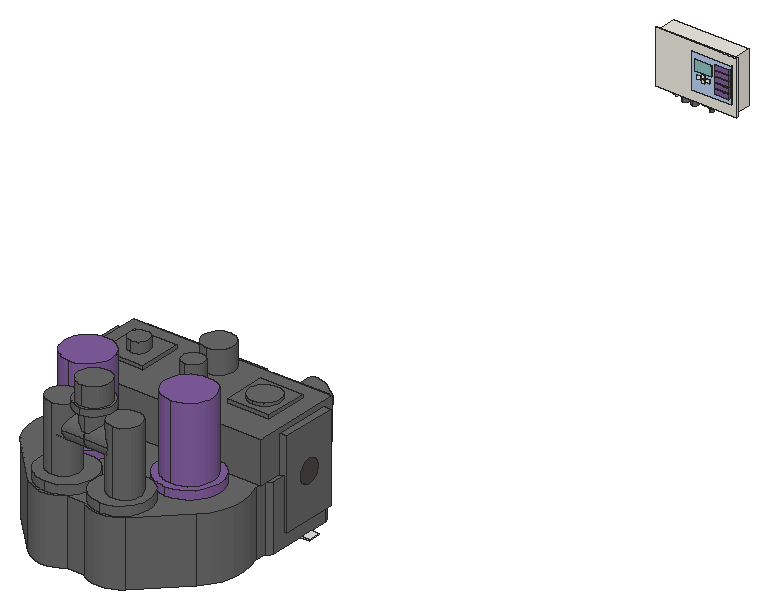
Revit family "28628-c", category Generic Models, Revit 2021
Family settings
  Can host rebar = No
  Round Connector Dimension = Use Diameter
  Part Type = Normal
  Work Plane-Based = No
  Always vertical = Yes
  Cut with Voids When Loaded = No
  Shared = Yes
  Room Calculation Point = No
Parameters (values of type "28628-C")
  SUPPLIER = "KESSEL"
  SA700ID50 = "intern"
  SA700ID49 = "Protection Class I"
  SA700ID48 = "no"
  SA700ID47 = "no"
  SA700ID46 = "yes"
  SA700ID37 = 7000 mm
  SA700ID34 = 38
  SA700ID33 = 1.6 W
  SA700ID32 = 82.00 kg
  SA700ID31 = 1
  SA700ID30 = 2
  SA700ID29 = "RWDR"
  SA700ID21 = 700
  SA700ID10 = "No"
  SA700ID08 = 230 V
  PROCUREWEBLINK = "https://p.caden.as/kessel/28628-C"
  PROCURELINK = "p.caden.as/kessel/28628-C"
  PROCUREDATALASTUPDATE = "2024-05-22T12:17:38.364929984+01:00"
  PRC_SPECIFICATIONLINK = "https://ausschreiben.de/catalog/kessel/catalogItem/4ae1b071-216f-4082-a32e-68067ba56124"
  NN = "Lifting station Aqualift F"
  NBSYN = "$SA810ID03."
  NB = "28628-C"
  Model = "28628-C"
  Manufacturer = "KESSEL"
  MIdent = "{$CADENAS_DATA/23d-libs/kessel/kessel_vdi_import/4/entwaesserung/hebeanlage20aqualift20f.prj},202 {STYP=ASS},{VTYP=3D},{NB=28628-C},{LINA=28628-C},{NN=Lifting station Aqualift F},{DATE=21.11.2022 10:45:45},{GEOMDATE=21.11.2022 10:45:45},{VERSION=},{LINEID=190},{WBVAR=LODLEVEL},{WBNUMERIC=LODLEVEL}  {NB=28628-C},{LINA=28628-C},{KT=DUMMY},{PREVIEW=../../bilder/ksb_w_28628c.png},{SA700ID04=Hebeanlage Aqualift F Duo, Comfort, SPF 1400-S3},{SA810ID06=04026092058497},{SA700ID34=38.00},{SA010ID03=201805},{SA810ID03=28628-C},{SA810ID10=Die Hebeanlage für fäkalienhaltiges und fäkalienfreies Abwasser ist mit zwei überflutbaren Pumpen sowie einem Rückflussverhinderer ausgestattet. Der Sammelbehälter aus dauerhaft beständigem Kunststoff (PE) bietet universale Anschlussmöglichkeiten und hat eine verschraubte Reinigungsöffnung.Die Steuerung erfolgt durch ein anwenderfreundliches Schaltgerät, das optional über einen potentialfreien Kontakt in die Gebäudeleittechnik eingebunden werden oder Alarm- und Sammelstörmeldungen über eine GSM-Schnittstelle (Comfort Schaltgerät) ausgeben kann.Ausführung:Absperreinrichtung: ohne SchieberAnlagenart: DoppelanlagePumpensteuerung: SchaltgerätRückflussverhinderer: integriertSchalldämmmatte: jaEinbausituation: freie AufstellungAbwasserart: fäkalienhaltigAllgemeine Merkmale:Farbe: schwarzNorm: EN 12050-1Abmessungen:Länge: 773 mmBreite: 780 mmHöhe: 539 mmBehälter/Grundkörper:Zulauf Anzahl: 2 STZulauf Nennweite (DN): 100 mmZulauf Nennweite (DA): 110 mmZulauf max. Anbohrung (DN): 150 mmAbstand Rohrsohle Zulauf zu Behälterboden: 245 mmAbstand Rohrmitte Zulauf zu Behälterboden: 300 mmAnschluss für Handmembranpumpe (DN): 32Behältervolumen: 120 lDruckabgang: senkrechtDruckabgang (DA): 110 mmDruckabgang (DN): 100 mmEntlüftungsanschluss (DN): 70 mmNutzvolumen: 50 lFreier Kugeldurchgang: 40 mmFördereinrichtung:Pumpe: SPF 1400Anzahl Pumpen: 2Förderhöhe max.: 7 mFörderleistung max.: 38 m3/hBetriebsart: S3 - 50 %Leistung P1: 1,6 kWLeistung P2: 1,1 kWDrehzahl: 1.370 U/minFörderguttemperatur (dauerhaft) max.: 40 °CAnschlusstyp: codierter SteckerGewicht: 25 kgLaufrad Typ: FreistromradLänge Netzanschlussleitung Pumpe: 5 mNennstrom: 7,3 ASchutzart Pumpe: IP 68 (3m/48h)Schutzklasse: ITyp Anschlussleitung Pumpe: H07RN-F 3G 1,0 mm2Temperaturüberwachung: integriertSteuerung:Schaltgerät: ComfortBetriebsspannung: 230 VNetzfrequenz: 50 HzSelbstdiagnosesystem (SDS): jaBatteriepufferung: jaMehrzeilige Displayanzeige: jaLogbuchfunktion: jaUSB-Schnittstelle: jaGSM-Schnittstelle: jaPotentialfreier Kontakt: optionalErforderliche Absicherung (Leitungsschutz): C 16 ASchutzart Schaltgerät: IP 54Länge Netzanschlussleitung Schaltgerät: 1,4 mArt Niveauerfassung: pneumatischInstrument Niveauerfassung: Tauchrohr mit DruckwächterAlarmgeber: Tauchrohr},{SA700ID37=7.00},{SA700ID33=1.60},{SA700ID08=230},{SA700ID30=2},{SA700ID32=82.00},{SA700ID49=Schutzklasse I},{SA700ID50=intern},{SA200ID03=6},{SA250ID03=vertikal},{SA260ID03=Trockenläuferpumpe},{SA350ID03=normalansaugend},{SA400ID03=E-Motor für Wechselstrom},{SA460ID03=direkt},{SA500ID03=Kunststoff, Edelstahl},{SA700ID06=100},{SA700ID07=100},{SA700ID09=1/N/PE 230V},{SA700ID10=Nein},{SA700ID11=50},{SA700ID12=IP 68},{SA700ID13=F},{SA700ID15=40},{SA700ID21=700.00},{SA700ID22=1.10},{SA700ID23=1370},{SA700ID24=1370},{SA700ID26=7.30},{SA700ID27=23.00},{SA700ID28=durchgehend},{SA700ID29=RWDR},{SA700ID31=1},{SA700ID46=ja},{SA700ID47=nein},{SA700ID48=nein},{SA110ID04=Hebeanlage Aqualift F},{SA300ID03=einstufig},{SA700ID44=10.00},{SA700ID45=10.00},{SA010ID04=KESSEL AG},{LODLEVEL=200},{LINK=https://www.kessel.de/info?han=28628-C},{SA970ID01=970},{SA970ID02=7061},{SA970ID03=28628-C},{SA970ID04=11002617},{SA970ID05=QUAD},{SA970ID06=-410},{SA970ID07=-678},{SA970ID08=0},{SA970ID09=1},{SA970ID10=0},{SA970ID11=0},{SA970ID12=0},{SA970ID13=1},{SA970ID14=0},{SA970ID15=819.99},{SA970ID16=843},{SA970ID17=600},{LODLEVEL_=200,'Low'},{LODLEVEL_DEU=200,'Low'},{LINK_=https://www.kessel.de/info?han=28628-C},{LINK_DEU=https://www.kessel.de/info?han=28628-C},{LODLEVEL_3DB=28628-C_200},{DNIN1=100},{DNIN2=70},{DNIN3=10},{DNIN4=10},{DNIN5=10},{DNIN6=50},{DNIN7=50},{DNIN8=50},{DNIN9=50},{DNOUT1=100},{DNOUT2=70},{DNOUT3=32},{ISDIN1=75},{ISDIN2=83.200},{ISDIN3=10},{ISDOUT1=70.000},{ISDOUT2=73.200},{ISDOUT3=75},{SA010ID01=010},{SA010ID02=4},{SA010ID06=www.kessel.de},{SA010ID07=www.kessel.de},{SA010ID12=20180713},{SA010ID13=DEU},{SA010ID14=DE},{SA100ID01=100},{SA100ID02=4},{SA100ID04=Entwässerung},{SA110ID01=110},{SA110ID02=4},{SA200ID01=200},{SA200ID02=6},{SA250ID01=250},{SA250ID02=2},{SA260ID01=260},{SA260ID02=2},{SA300ID01=300},{SA300ID02=1},{SA350ID01=350},{SA350ID02=1},{SA400ID01=400},{SA400ID02=1},{SA460ID01=460},{SA460ID02=1},{SA500ID01=500},{SA500ID02=1},{SA700ID01=700},{SA700ID02=27},{SA700ID10_=0},{SA700ID16=0},{SA700ID25=0},{SA700ID46_=1},{SA700ID47_=0},{SA700ID48_=0},{SA700ID49_=1},{SA700ID50_=2},{SA800ID01=800},{SA800ID02=27},{SA810ID01=810},{SA810ID02=27},{SA810ID04=28628-C},{SA810ID07=27},{SA810ID09=1},{SA810ID14=PCE},{SA810ID15=1},{SA810ID16=NMP},{SA960ID03=27},{SA960ID04=3L},{SA960ID08=https://www.kessel.de/info?han=28628-C},{SA010ID08=4026092000007},{SA100ID05=Hebeanlage},{SA110ID06=Hebeanlage}"
  LINK = "https://www.kessel.de/info?han=28628-C"
  LINA = "28628-C"
  Default Elevation = 0 mm
  CREATOR = "CADENAS GmbH"
  CATALOG = "KESSEL"
  BOMINFO = "LINA"
  ARTICLENO = "NB"
  4.810.00.9 Order quantity (multiplicator) = "1"
  4.810.00.7 Media- connection number = "27"
  4.810.00.6 GTIN number = "04026092058497"
  4.810.00.4 DATANORM number = "28628-C"
  4.810.00.3 Producer order number = "28628-C"
  4.710.03.7 Mass (net) = 82.00 kg
  4.710.03.6 Height = 539 mm
  4.710.03.5 Width = 780 mm
  4.710.03.4 Length = 773 mm
  4.710.03.3 Type of dimensions = "2"
  4.710.02.8 Area of application of wastewater pump = "1"
  4.710.02.7 Art des S2/S3-Betriebs = "50 %"
  4.710.02.6 Duty type = "S3"
  4.710.02.5 Cutting device = "0"
  4.710.02.4 Attached pump control = "1"
  4.710.02.3 Free passage = 40 mm
  4.710.01.6 Option to connect to building automation = "40"
  4.710.01.5 Load regulation = "0"
  4.710.01.4 Designation of closed-loop control = "50"
  4.710.01.3 Identifier for closed-loop control = "120"
  4.700.00.9 Voltage = 0
  4.700.00.8 Nominal connection size on suction side = "100"
  4.700.00.7 Nominal connection size on pressure side = "100"
  4.700.00.6 Type of connection = "100"
  4.700.00.4 Product indentification = "Hebeanlage Aqualift F Duo, Comfort, SPF 1400-S3"
  4.700.00.28 Motor pump shaft = "durchgehend"
  4.700.00.27 Starting current = 23
  4.700.00.26 Maximum power consumption per pump / drive = 7.3
  4.700.00.25 Minimum speed at internal speed adjustment = 0
  4.700.00.24 Nominal speed / maximum speed n = 22.8333
  4.700.00.23 Nominal speed of motor = 22.8333
  4.700.00.22 Maximum shaft output (P2) per pump/drive = 1.1 W
  4.700.00.16 Maximum temperature of pumped medium = 0 °C
  4.700.00.15 Increased safety class = "40 °C"
  4.700.00.13 Type of protection = "F"
  4.700.00.12 Frequency = 0
  4.700.00.11 Stern-/Dreieck-Anlaufschaltung bei Dreiphasenanschluss oder Drehstrom = "50 Hz"
  4.700.00.10 Phase = "0"
  4.500.00.3 Variant / Variant type / Accessories-name = "Kunststoff, Edelstahl"
  4.460.00.3 Variant / Variant type / Accessories-name = "direkt"
  4.400.00.3 Variant / Variant type / Accessories-name = "E-Motor für Wechselstrom"
  4.350.00.3 Variant / Variant type / Accessories-name = "normalansaugend"
  4.300.00.3 Variant / Variant type / Accessories-name = "einstufig"
  4.260.00.3 Variant / Variant type / Accessories-name = "Trockenläuferpumpe"
  4.250.00.3 Variant / Variant type / Accessories-name = "vertikal"
  4.200.00.3 Variant / Variant type / Accessories-name = "6"
  4.110.00.6 Product classification = "Hebeanlage"
  4.110.00.4 Product indentification = "Hebeanlage Aqualift F"
  4.100.00.5 Main groups of wares = "Hebeanlage"
  4.100.00.4 Product indentification = "Entwässerung"
  4.010.00.8 Producer ID number = "4026092000007"
  4.010.00.7 Comment = "www.kessel.de"
  4.010.00.6 Web address of the manufacturer = "www.kessel.de"
  4.010.00.4 Manufacturer name = "KESSEL AG"
  4.010.00.3 Date of issuance (month) of guideline = "201805"
  4.010.00.2 Sheet number of the guideline = "4"
  4.010.00.14 Kennungen der Projektländer, für die die Datei gültig ist = "DE"
  4.010.00.13 Sprache der Datei = "DEU"
  4.010.00.12 Stand des Herstellerkatalogs = "20180713"
Reference planes
  plane 1 "Center (Front/Back)": y = 0
  plane 2: z = 0
  plane 3 "Center (Left/Right)": x = 0
Forms (mm)
  Extrusion 1, void
    sketch origin (390.5, -74.999, 214) x (0, -1, 0) y (0, 0, 1)
      loop
        line (-0.5, -0.5) -> (0.5, -0.5) -> (0.5, 0.5) -> (-0.5, 0.5) -> (-0.5, -0.5)
    from 0 to 1
  Extrusion 2, void
    sketch origin (0.999, 95.5, 214) x (1, 0, 0) y (0, 0, 1)
      loop
        line (-0.5, -0.5) -> (0.5, -0.5) -> (0.5, 0.5) -> (-0.5, 0.5) -> (-0.5, -0.5)
    from 0 to 1
  Extrusion 3, void
    sketch origin (-230.25, 90.49, 214) x (1, 0, 0) y (0, 0, 1)
      loop
        line (-0.5, -0.5) -> (0.5, -0.5) -> (0.5, 0.5) -> (-0.5, 0.5) -> (-0.5, -0.5)
    from 0 to 1
  Extrusion 4, void
    sketch origin (-390.5, -75, 214) x (0, 1, 0) y (0, 0, 1)
      loop
        line (-0.5, -0.5) -> (0.5, -0.5) -> (0.5, 0.5) -> (-0.5, 0.5) -> (-0.5, -0.5)
    from 0 to 1
Dimensions and locks
  locked: plane 2 to Extrusion 1 at 214.5
  locked: plane 2 to Extrusion 1 at 213.5
  locked: plane 2 to Extrusion 2 at 214.5
  locked: plane 2 to Extrusion 2 at 213.5
  locked: plane 2 to Extrusion 3 at 214.5
  locked: plane 2 to Extrusion 3 at 213.5
  locked: plane 2 to Extrusion 4 at 214.5
  locked: plane 2 to Extrusion 4 at 213.5
  aligned and locked: level to plane 2
Nested families
  nested 1: "28628-c_content" at (0, 0, 0), type "28628-C_Content"
  nested 2: "28628-c_part1_X0Y0" at (1000, 1000, 1200), type "28628-C_PART1_X0Y0"
  nested 3: "28628-c_part2_X0Y0" at (0, 0, 0), type "28628-C_PART2_X0Y0"
Connectors
  electrical at (896, 972.5, 1160.5)
    settings: on nested 2, index 1, voltage 230 V, apparent load 0 VA, apparent load phase1 0 VA, apparent load phase2 0 VA, apparent load phase3 0 VA, power factor 1, load classification "Other", number of poles 3, system type 31, power factor state 1, is connector primary yes, connector utility no, sub classification motor no, connector description ""
  electrical at (930, 972.5, 1157.9)
    settings: on nested 2, index 2, voltage 0 V, apparent load 0 VA, apparent load phase1 0 VA, apparent load phase2 0 VA, apparent load phase3 0 VA, power factor 1, load classification "Other", number of poles 1, system type 31, power factor state 1, is connector primary no, connector utility no, sub classification motor no, connector description ""
  electrical at (964, 972.5, 1157.9)
    settings: on nested 2, index 3, voltage 0 V, apparent load 0 VA, apparent load phase1 0 VA, apparent load phase2 0 VA, apparent load phase3 0 VA, power factor 1, load classification "Other", number of poles 1, system type 31, power factor state 1, is connector primary no, connector utility no, sub classification motor no, connector description ""
  electrical at (1002, 972.5, 1170.2)
    settings: on nested 2, index 4, voltage 0 V, apparent load 0 VA, apparent load phase1 0 VA, apparent load phase2 0 VA, apparent load phase3 0 VA, power factor 1, load classification "Other", number of poles 1, system type 31, power factor state 1, is connector primary no, connector utility no, sub classification motor no, connector description ""
  electrical at (1026, 972.5, 1155.55)
    settings: on nested 2, index 5, voltage 0 V, apparent load 0 VA, apparent load phase1 0 VA, apparent load phase2 0 VA, apparent load phase3 0 VA, power factor 1, load classification "Other", number of poles 1, system type 31, power factor state 1, is connector primary no, connector utility no, sub classification motor no, connector description ""
  electrical at (1054, 972.5, 1198.5)
    settings: on nested 2, index 6, voltage 0 V, apparent load 0 VA, apparent load phase1 0 VA, apparent load phase2 0 VA, apparent load phase3 0 VA, power factor 1, load classification "Other", number of poles 1, system type 31, power factor state 1, is connector primary no, connector utility no, sub classification motor no, connector description ""
  electrical at (1082, 972.5, 1198.5)
    settings: on nested 2, index 7, voltage 0 V, apparent load 0 VA, apparent load phase1 0 VA, apparent load phase2 0 VA, apparent load phase3 0 VA, power factor 1, load classification "Other", number of poles 1, system type 31, power factor state 1, is connector primary no, connector utility no, sub classification motor no, connector description ""
  piping at (0, 0, 471), diameter 100
    settings: on nested 3, index 8, connector inside diameter 609.6 mm, connector length 0 mm, flow factor 0, pipe flow 0.0 L/s, pressure drop 0.0 Pa, fitting loss kfactor 0, connector angle 0.00°, fixture units 0, engagement length 0 mm, angle of deflection 0.00°, flow configuration 0, flow direction 1, fitting loss method 2, system type 29, joint type 0, gender type 0, connector reference index -1, connector utility 0, adjustable connector no, is connector primary yes, connector description ""
  piping at (390.5, -74.999, 214), diameter 70
    settings: on Extrusion 1, index 9, connector inside diameter 609.6 mm, connector length 0 mm, flow factor 0, pipe flow 0.0 L/s, pressure drop 0.0 Pa, fitting loss kfactor 0, connector angle 0.00°, fixture units 0, engagement length 0 mm, angle of deflection 0.00°, flow configuration 0, flow direction 0, fitting loss method 2, system type 29, joint type 0, gender type 0, connector reference index -1, connector utility 0, adjustable connector no, is connector primary no, connector description ""
  piping at (0.999, 95.5, 214), diameter 70
    settings: on Extrusion 2, index 10, connector inside diameter 609.6 mm, connector length 0 mm, flow factor 0, pipe flow 0.0 L/s, pressure drop 0.0 Pa, fitting loss kfactor 0, connector angle 0.00°, fixture units 0, engagement length 0 mm, angle of deflection 0.00°, flow configuration 0, flow direction 0, fitting loss method 2, system type 29, joint type 0, gender type 0, connector reference index -1, connector utility 0, adjustable connector no, is connector primary no, connector description ""
  piping at (230, 164.99, 301), diameter 100
    settings: on nested 3, index 11, connector inside diameter 609.6 mm, connector length 0 mm, flow factor 0, pipe flow 0.0 L/s, pressure drop 0.0 Pa, fitting loss kfactor 0, connector angle 0.00°, fixture units 0, engagement length 0 mm, angle of deflection 0.00°, flow configuration 0, flow direction 1, fitting loss method 2, system type 29, joint type 0, gender type 0, connector reference index -1, connector utility 0, adjustable connector no, is connector primary no, connector description ""
  piping at (-230.25, 90.49, 214), diameter 70
    settings: on Extrusion 3, index 12, connector inside diameter 609.6 mm, connector length 0 mm, flow factor 0, pipe flow 0.0 L/s, pressure drop 0.0 Pa, fitting loss kfactor 0, connector angle 0.00°, fixture units 0, engagement length 0 mm, angle of deflection 0.00°, flow configuration 0, flow direction 0, fitting loss method 2, system type 29, joint type 0, gender type 0, connector reference index -1, connector utility 0, adjustable connector no, is connector primary no, connector description ""
  piping at (-390.5, -75, 214), diameter 70
    settings: on Extrusion 4, index 13, connector inside diameter 609.6 mm, connector length 0 mm, flow factor 0, pipe flow 0.0 L/s, pressure drop 0.0 Pa, fitting loss kfactor 0, connector angle 0.00°, fixture units 0, engagement length 0 mm, angle of deflection 0.00°, flow configuration 0, flow direction 0, fitting loss method 2, system type 29, joint type 0, gender type 0, connector reference index -1, connector utility 0, adjustable connector no, is connector primary no, connector description ""
  piping at (0, -115, 461), diameter 70
    settings: on nested 3, index 14, connector inside diameter 609.6 mm, connector length 0 mm, flow factor 0, pipe flow 0.0 L/s, pressure drop 0.0 Pa, fitting loss kfactor 0, connector angle 0.00°, fixture units 0, engagement length 0 mm, angle of deflection 0.00°, flow configuration 0, flow direction 2, fitting loss method 2, system type 29, joint type 0, gender type 0, connector reference index -1, connector utility 0, adjustable connector no, is connector primary no, connector description ""
  piping at (230, 164.99, 81.07), diameter 32
    settings: on nested 3, index 15, connector inside diameter 609.6 mm, connector length 0 mm, flow factor 0, pipe flow 0.0 L/s, pressure drop 0.0 Pa, fitting loss kfactor 0, connector angle 0.00°, fixture units 0, engagement length 0 mm, angle of deflection 0.00°, flow configuration 0, flow direction 2, fitting loss method 2, system type 29, joint type 0, gender type 0, connector reference index -1, connector utility 0, adjustable connector no, is connector primary no, connector description ""
  piping at (0, -568, 600), diameter 100
    settings: on nested 3, index 16, connector inside diameter 609.6 mm, connector length 0 mm, flow factor 0, pipe flow 0.0 L/s, pressure drop 0.0 Pa, fitting loss kfactor 0, connector angle 0.00°, fixture units 0, engagement length 0 mm, angle of deflection 0.00°, flow configuration 0, flow direction 2, fitting loss method 2, system type 29, joint type 0, gender type 0, connector reference index -1, connector utility 0, adjustable connector no, is connector primary no, connector description ""
  electrical at (185, -365, 537)
    settings: on nested 3, index 17, voltage 0 V, apparent load 0 VA, apparent load phase1 0 VA, apparent load phase2 0 VA, apparent load phase3 0 VA, power factor 1, load classification "Other", number of poles 1, system type 31, power factor state 1, is connector primary no, connector utility no, sub classification motor no, connector description ""
  electrical at (-185, -364.75, 537)
    settings: on nested 3, index 18, voltage 0 V, apparent load 0 VA, apparent load phase1 0 VA, apparent load phase2 0 VA, apparent load phase3 0 VA, power factor 1, load classification "Other", number of poles 1, system type 31, power factor state 1, is connector primary no, connector utility no, sub classification motor no, connector description ""
  electrical at (-230.6, -74.8, 436.49)
    settings: on nested 3, index 19, voltage 0 V, apparent load 0 VA, apparent load phase1 0 VA, apparent load phase2 0 VA, apparent load phase3 0 VA, power factor 1, load classification "Other", number of poles 1, system type 31, power factor state 1, is connector primary no, connector utility no, sub classification motor no, connector description ""
Definition of nested family "28628-c_part1_X0Y0"
  Parameters (values of type "28628-C_PART1_X0Y0")
    SUPPLIER = "KESSEL"
    SA700ID50 = "intern"
    SA700ID49 = "Protection Class I"
    SA700ID48 = "no"
    SA700ID47 = "no"
    SA700ID46 = "yes"
    SA700ID37 = 7000 mm
    SA700ID34 = 38
    SA700ID33 = 1.6 W
    SA700ID32 = 82.00 kg
    SA700ID31 = 1
    SA700ID30 = 2
    SA700ID29 = "RWDR"
    SA700ID21 = 700
    SA700ID10 = "No"
    SA700ID08 = 230 V
    NBSYN = "$SA810ID03._PART1"
    NB = "28628-C_PART1"
    Model = "28628-C_PART1"
    Manufacturer = "KESSEL"
    MIdent = "{$CADENAS_DATA/23d-libs/kessel/kessel_vdi_import/4/entwaesserung/hebeanlage20aqualift20f.prj},222 {VTYP=3D},{NB=28628-C_PART1},{LINA=28628-C_PART1},{NN=Lifting station Aqualift F_PART1},{NOPRJ=TRUE},{DATE=21.11.2022 10:45:45},{GEOMDATE=21.11.2022 10:45:45},{VERSION=},{LINEID=190},{WBVAR=LODLEVEL},{WBNUMERIC=LODLEVEL}  {NB=28628-C_PART1},{LINA=28628-C_PART1},{KT=DUMMY},{PREVIEW=../../bilder/ksb_w_28628c.png},{SA700ID04=Hebeanlage Aqualift F Duo, Comfort, SPF 1400-S3},{SA810ID06=04026092058497},{SA700ID34=38.00},{SA010ID03=201805},{SA810ID03=28628-C},{SA810ID10=Die Hebeanlage für fäkalienhaltiges und fäkalienfreies Abwasser ist mit zwei überflutbaren Pumpen sowie einem Rückflussverhinderer ausgestattet. Der Sammelbehälter aus dauerhaft beständigem Kunststoff (PE) bietet universale Anschlussmöglichkeiten und hat eine verschraubte Reinigungsöffnung.Die Steuerung erfolgt durch ein anwenderfreundliches Schaltgerät, das optional über einen potentialfreien Kontakt in die Gebäudeleittechnik eingebunden werden oder Alarm- und Sammelstörmeldungen über eine GSM-Schnittstelle (Comfort Schaltgerät) ausgeben kann.Ausführung:Absperreinrichtung: ohne SchieberAnlagenart: DoppelanlagePumpensteuerung: SchaltgerätRückflussverhinderer: integriertSchalldämmmatte: jaEinbausituation: freie AufstellungAbwasserart: fäkalienhaltigAllgemeine Merkmale:Farbe: schwarzNorm: EN 12050-1Abmessungen:Länge: 773 mmBreite: 780 mmHöhe: 539 mmBehälter/Grundkörper:Zulauf Anzahl: 2 STZulauf Nennweite (DN): 100 mmZulauf Nennweite (DA): 110 mmZulauf max. Anbohrung (DN): 150 mmAbstand Rohrsohle Zulauf zu Behälterboden: 245 mmAbstand Rohrmitte Zulauf zu Behälterboden: 300 mmAnschluss für Handmembranpumpe (DN): 32Behältervolumen: 120 lDruckabgang: senkrechtDruckabgang (DA): 110 mmDruckabgang (DN): 100 mmEntlüftungsanschluss (DN): 70 mmNutzvolumen: 50 lFreier Kugeldurchgang: 40 mmFördereinrichtung:Pumpe: SPF 1400Anzahl Pumpen: 2Förderhöhe max.: 7 mFörderleistung max.: 38 m3/hBetriebsart: S3 - 50 %Leistung P1: 1,6 kWLeistung P2: 1,1 kWDrehzahl: 1.370 U/minFörderguttemperatur (dauerhaft) max.: 40 °CAnschlusstyp: codierter SteckerGewicht: 25 kgLaufrad Typ: FreistromradLänge Netzanschlussleitung Pumpe: 5 mNennstrom: 7,3 ASchutzart Pumpe: IP 68 (3m/48h)Schutzklasse: ITyp Anschlussleitung Pumpe: H07RN-F 3G 1,0 mm2Temperaturüberwachung: integriertSteuerung:Schaltgerät: ComfortBetriebsspannung: 230 VNetzfrequenz: 50 HzSelbstdiagnosesystem (SDS): jaBatteriepufferung: jaMehrzeilige Displayanzeige: jaLogbuchfunktion: jaUSB-Schnittstelle: jaGSM-Schnittstelle: jaPotentialfreier Kontakt: optionalErforderliche Absicherung (Leitungsschutz): C 16 ASchutzart Schaltgerät: IP 54Länge Netzanschlussleitung Schaltgerät: 1,4 mArt Niveauerfassung: pneumatischInstrument Niveauerfassung: Tauchrohr mit DruckwächterAlarmgeber: Tauchrohr},{SA700ID37=7.00},{SA700ID33=1.60},{SA700ID08=230},{SA700ID30=2},{SA700ID32=82.00},{SA700ID49=Schutzklasse I},{SA700ID50=intern},{SA200ID03=6},{SA250ID03=vertikal},{SA260ID03=Trockenläuferpumpe},{SA350ID03=normalansaugend},{SA400ID03=E-Motor für Wechselstrom},{SA460ID03=direkt},{SA500ID03=Kunststoff, Edelstahl},{SA700ID06=100},{SA700ID07=100},{SA700ID09=1/N/PE 230V},{SA700ID10=Nein},{SA700ID11=50},{SA700ID12=IP 68},{SA700ID13=F},{SA700ID15=40},{SA700ID21=700.00},{SA700ID22=1.10},{SA700ID23=1370},{SA700ID24=1370},{SA700ID26=7.30},{SA700ID27=23.00},{SA700ID28=durchgehend},{SA700ID29=RWDR},{SA700ID31=1},{SA700ID46=ja},{SA700ID47=nein},{SA700ID48=nein},{SA110ID04=Hebeanlage Aqualift F},{SA300ID03=einstufig},{SA700ID44=10.00},{SA700ID45=10.00},{SA010ID04=KESSEL AG},{LODLEVEL=200},{LINK=https://www.kessel.de/info?han=28628-C},{SA970ID01=970},{SA970ID02=7061},{SA970ID03=28628-C},{SA970ID04=11002617},{SA970ID05=QUAD},{SA970ID06=-410},{SA970ID07=-678},{SA970ID08=0},{SA970ID09=1},{SA970ID10=0},{SA970ID11=0},{SA970ID12=0},{SA970ID13=1},{SA970ID14=0},{SA970ID15=819.99},{SA970ID16=843},{SA970ID17=600},{LODLEVEL_=200,'Low'},{LODLEVEL_DEU=200,'Low'},{LINK_=https://www.kessel.de/info?han=28628-C},{LINK_DEU=https://www.kessel.de/info?han=28628-C},{LODLEVEL_3DB=28628-C_200},{DNIN1=100},{DNIN2=70},{DNIN3=10},{DNIN4=10},{DNIN5=10},{DNIN6=50},{DNIN7=50},{DNIN8=50},{DNIN9=50},{DNOUT1=100},{DNOUT2=70},{DNOUT3=32},{ISDIN1=75},{ISDIN2=83.200},{ISDIN3=10},{ISDOUT1=70.000},{ISDOUT2=73.200},{ISDOUT3=75},{SA010ID01=010},{SA010ID02=4},{SA010ID06=www.kessel.de},{SA010ID07=www.kessel.de},{SA010ID12=20180713},{SA010ID13=DEU},{SA010ID14=DE},{SA100ID01=100},{SA100ID02=4},{SA100ID04=Entwässerung},{SA110ID01=110},{SA110ID02=4},{SA200ID01=200},{SA200ID02=6},{SA250ID01=250},{SA250ID02=2},{SA260ID01=260},{SA260ID02=2},{SA300ID01=300},{SA300ID02=1},{SA350ID01=350},{SA350ID02=1},{SA400ID01=400},{SA400ID02=1},{SA460ID01=460},{SA460ID02=1},{SA500ID01=500},{SA500ID02=1},{SA700ID01=700},{SA700ID02=27},{SA700ID10_=0},{SA700ID16=0},{SA700ID25=0},{SA700ID46_=1},{SA700ID47_=0},{SA700ID48_=0},{SA700ID49_=1},{SA700ID50_=2},{SA800ID01=800},{SA800ID02=27},{SA810ID01=810},{SA810ID02=27},{SA810ID04=28628-C},{SA810ID07=27},{SA810ID09=1},{SA810ID14=PCE},{SA810ID15=1},{SA810ID16=NMP},{SA960ID03=27},{SA960ID04=3L},{SA960ID08=https://www.kessel.de/info?han=28628-C},{SA010ID08=4026092000007},{SA100ID05=Hebeanlage},{SA110ID06=Hebeanlage}"
    LINK = "https://www.kessel.de/info?han=28628-C"
    LINA = "28628-C_PART1"
    Default Elevation = 1219.2 mm
    CREATOR = "CADENAS GmbH"
    CATALOG = "KESSEL"
    BOMINFO = "LINA"
    ARTICLENO = "NB"
    4.810.00.9 Order quantity (multiplicator) = "1"
    4.810.00.7 Media- connection number = "27"
    4.810.00.6 GTIN number = "04026092058497"
    4.810.00.4 DATANORM number = "28628-C"
    4.810.00.3 Producer order number = "28628-C"
    4.710.03.7 Mass (net) = 82.00 kg
    4.710.03.6 Height = 539 mm
    4.710.03.5 Width = 780 mm
    4.710.03.4 Length = 773 mm
    4.710.03.3 Type of dimensions = "2"
    4.710.02.8 Area of application of wastewater pump = "1"
    4.710.02.7 Art des S2/S3-Betriebs = "50 %"
    4.710.02.6 Duty type = "S3"
    4.710.02.5 Cutting device = "0"
    4.710.02.4 Attached pump control = "1"
    4.710.02.3 Free passage = 40 mm
    4.710.01.6 Option to connect to building automation = "40"
    4.710.01.5 Load regulation = "0"
    4.710.01.4 Designation of closed-loop control = "50"
    4.710.01.3 Identifier for closed-loop control = "120"
    4.700.00.9 Voltage = 0
    4.700.00.8 Nominal connection size on suction side = "100"
    4.700.00.7 Nominal connection size on pressure side = "100"
    4.700.00.6 Type of connection = "100"
    4.700.00.4 Product indentification = "Hebeanlage Aqualift F Duo, Comfort, SPF 1400-S3"
    4.700.00.28 Motor pump shaft = "durchgehend"
    4.700.00.27 Starting current = 23
    4.700.00.26 Maximum power consumption per pump / drive = 7.3
    4.700.00.25 Minimum speed at internal speed adjustment = 0
    4.700.00.24 Nominal speed / maximum speed n = 22.8333
    4.700.00.23 Nominal speed of motor = 22.8333
    4.700.00.22 Maximum shaft output (P2) per pump/drive = 1.1 W
    4.700.00.16 Maximum temperature of pumped medium = 0 °C
    4.700.00.15 Increased safety class = "40 °C"
    4.700.00.13 Type of protection = "F"
    4.700.00.12 Frequency = 0
    4.700.00.11 Stern-/Dreieck-Anlaufschaltung bei Dreiphasenanschluss oder Drehstrom = "50 Hz"
    4.700.00.10 Phase = "0"
    4.500.00.3 Variant / Variant type / Accessories-name = "Kunststoff, Edelstahl"
    4.460.00.3 Variant / Variant type / Accessories-name = "direkt"
    4.400.00.3 Variant / Variant type / Accessories-name = "E-Motor für Wechselstrom"
    4.350.00.3 Variant / Variant type / Accessories-name = "normalansaugend"
    4.300.00.3 Variant / Variant type / Accessories-name = "einstufig"
    4.260.00.3 Variant / Variant type / Accessories-name = "Trockenläuferpumpe"
    4.250.00.3 Variant / Variant type / Accessories-name = "vertikal"
    4.200.00.3 Variant / Variant type / Accessories-name = "6"
    4.110.00.6 Product classification = "Hebeanlage"
    4.110.00.4 Product indentification = "Hebeanlage Aqualift F"
    4.100.00.5 Main groups of wares = "Hebeanlage"
    4.100.00.4 Product indentification = "Entwässerung"
    4.010.00.8 Producer ID number = "4026092000007"
    4.010.00.7 Comment = "www.kessel.de"
    4.010.00.6 Web address of the manufacturer = "www.kessel.de"
    4.010.00.4 Manufacturer name = "KESSEL AG"
    4.010.00.3 Date of issuance (month) of guideline = "201805"
    4.010.00.2 Sheet number of the guideline = "4"
    4.010.00.14 Kennungen der Projektländer, für die die Datei gültig ist = "DE"
    4.010.00.13 Sprache der Datei = "DEU"
    4.010.00.12 Stand des Herstellerkatalogs = "20180713"
  Reference planes
    plane 1 "Center (Front/Back)": y = 0
    plane 2: z = 0
    plane 3 "Center (Left/Right)": x = 0
  Dimensions and locks
    aligned and locked: level to plane 2
  Nested families
    nested 1: "28628-c_part1_content" at (0, 0, 0), type "28628-C_PART1_Content"
  Definition of nested family "28628-c_part1_content"
    Parameters (values of type "28628-C_PART1_Content")
      SUPPLIER = "KESSEL"
      SA700ID50 = "intern"
      SA700ID49 = "Protection Class I"
      SA700ID48 = "no"
      SA700ID47 = "no"
      SA700ID46 = "yes"
      SA700ID37 = 7000 mm
      SA700ID34 = 38
      SA700ID33 = 1.6 W
      SA700ID32 = 82.00 kg
      SA700ID31 = 1
      SA700ID30 = 2
      SA700ID29 = "RWDR"
      SA700ID21 = 700
      SA700ID10 = "No"
      SA700ID08 = 230 V
      NBSYN = "$SA810ID03._PART1"
      NB = "28628-C_PART1"
      Model = "28628-C_PART1"
      Manufacturer = "KESSEL"
      LINK = "https://www.kessel.de/info?han=28628-C"
      LINA = "28628-C_PART1"
      Default Elevation = 1219.2 mm
      CREATOR = "CADENAS GmbH"
      CATALOG = "KESSEL"
      BOMINFO = "LINA"
      ARTICLENO = "NB"
      4.810.00.9 Order quantity (multiplicator) = "1"
      4.810.00.7 Media- connection number = "27"
      4.810.00.6 GTIN number = "04026092058497"
      4.810.00.4 DATANORM number = "28628-C"
      4.810.00.3 Producer order number = "28628-C"
      4.710.03.7 Mass (net) = 82.00 kg
      4.710.03.6 Height = 539 mm
      4.710.03.5 Width = 780 mm
      4.710.03.4 Length = 773 mm
      4.710.03.3 Type of dimensions = "2"
      4.710.02.8 Area of application of wastewater pump = "1"
      4.710.02.7 Art des S2/S3-Betriebs = "50 %"
      4.710.02.6 Duty type = "S3"
      4.710.02.5 Cutting device = "0"
      4.710.02.4 Attached pump control = "1"
      4.710.02.3 Free passage = 40 mm
      4.710.01.6 Option to connect to building automation = "40"
      4.710.01.5 Load regulation = "0"
      4.710.01.4 Designation of closed-loop control = "50"
      4.710.01.3 Identifier for closed-loop control = "120"
      4.700.00.9 Voltage = 0
      4.700.00.8 Nominal connection size on suction side = "100"
      4.700.00.7 Nominal connection size on pressure side = "100"
      4.700.00.6 Type of connection = "100"
      4.700.00.4 Product indentification = "Hebeanlage Aqualift F Duo, Comfort, SPF 1400-S3"
      4.700.00.28 Motor pump shaft = "durchgehend"
      4.700.00.27 Starting current = 23
      4.700.00.26 Maximum power consumption per pump / drive = 7.3
      4.700.00.25 Minimum speed at internal speed adjustment = 0
      4.700.00.24 Nominal speed / maximum speed n = 22.8333
      4.700.00.23 Nominal speed of motor = 22.8333
      4.700.00.22 Maximum shaft output (P2) per pump/drive = 1.1 W
      4.700.00.16 Maximum temperature of pumped medium = 0 °C
      4.700.00.15 Increased safety class = "40 °C"
      4.700.00.13 Type of protection = "F"
      4.700.00.12 Frequency = 0
      4.700.00.11 Stern-/Dreieck-Anlaufschaltung bei Dreiphasenanschluss oder Drehstrom = "50 Hz"
      4.700.00.10 Phase = "0"
      4.500.00.3 Variant / Variant type / Accessories-name = "Kunststoff, Edelstahl"
      4.460.00.3 Variant / Variant type / Accessories-name = "direkt"
      4.400.00.3 Variant / Variant type / Accessories-name = "E-Motor für Wechselstrom"
      4.350.00.3 Variant / Variant type / Accessories-name = "normalansaugend"
      4.300.00.3 Variant / Variant type / Accessories-name = "einstufig"
      4.260.00.3 Variant / Variant type / Accessories-name = "Trockenläuferpumpe"
      4.250.00.3 Variant / Variant type / Accessories-name = "vertikal"
      4.200.00.3 Variant / Variant type / Accessories-name = "6"
      4.110.00.6 Product classification = "Hebeanlage"
      4.110.00.4 Product indentification = "Hebeanlage Aqualift F"
      4.100.00.5 Main groups of wares = "Hebeanlage"
      4.100.00.4 Product indentification = "Entwässerung"
      4.010.00.8 Producer ID number = "4026092000007"
      4.010.00.7 Comment = "www.kessel.de"
      4.010.00.6 Web address of the manufacturer = "www.kessel.de"
      4.010.00.4 Manufacturer name = "KESSEL AG"
      4.010.00.3 Date of issuance (month) of guideline = "201805"
      4.010.00.2 Sheet number of the guideline = "4"
      4.010.00.14 Kennungen der Projektländer, für die die Datei gültig ist = "DE"
      4.010.00.13 Sprache der Datei = "DEU"
      4.010.00.12 Stand des Herstellerkatalogs = "20180713"
    Reference planes
      plane 1 "Center (Front/Back)": y = 0
      plane 2: z = 0
      plane 3 "Center (Left/Right)": x = 0
    Forms (mm)
      Extrusion 1, solid, detail levels medium+fine
        sketch origin (49.8, -68, 72.1) x (0, -1, 0) y (0, 0, 1)
          loop
            line (-0.5, 12) -> (-0.5, 0) -> (1, 0) -> (1, 12) -> (-0.5, 12)
        from 0 to 12
      Extrusion 2, solid, detail levels medium+fine
        sketch origin (129.3, -67, 28.2) x (0, -1, 0) y (0, 0, 1)
          loop
            line (-0.5, 127) -> (-0.5, 0) -> (1, 0) -> (1, 127) -> (-0.5, 127)
        from 0 to 146
      Extrusion 3, solid, detail levels medium+fine
        sketch origin (33.3, -68, 80.45) x (0, -1, 0) y (0, 0, 1)
          loop
            line (-0.5, 12) -> (-0.5, 0) -> (1, 0) -> (1, 12) -> (-0.5, 12)
        from 0 to 12
      Extrusion 4, solid, detail levels medium+fine
        sketch origin (33.3, -68, 63.95) x (0, -1, 0) y (0, 0, 1)
          loop
            line (-0.5, 12) -> (-0.5, 0) -> (1, 0) -> (1, 12) -> (-0.5, 12)
        from 0 to 12
      Extrusion 5, solid, detail levels medium+fine
        sketch origin (56.3, -68, 95.45) x (0, -1, 0) y (0, 0, 1)
          loop
            line (-0.5, 37) -> (-0.5, 0) -> (1, 0) -> (1, 37) -> (-0.5, 37)
        from 0 to 60
      Extrusion 6, solid, detail levels medium+fine
        sketch origin (121.8, -68, 85.7) x (0, -1, 0) y (0, 0, 1)
          loop
            line (0, 16) -> (0, 0) -> (2, 0) -> (2, 16) -> (0, 16)
        from 0 to 51
      Extrusion 7, solid, detail levels medium+fine
        sketch origin (121.8, -68, 65.7) x (0, -1, 0) y (0, 0, 1)
          loop
            line (0, 16) -> (0, 0) -> (2, 0) -> (2, 16) -> (0, 16)
        from 0 to 51
      Extrusion 8, solid, detail levels medium+fine
        sketch origin (121.8, -68, 105.7) x (0, -1, 0) y (0, 0, 1)
          loop
            line (0, 16) -> (0, 0) -> (2, 0) -> (2, 16) -> (0, 16)
        from 0 to 51
      Extrusion 9, solid, detail levels medium+fine
        sketch origin (16.8, -68, 72.2) x (0, -1, 0) y (0, 0, 1)
          loop
            line (-0.5, 12) -> (-0.5, 0) -> (1, 0) -> (1, 12) -> (-0.5, 12)
        from 0 to 12
      Extrusion 10, solid, detail levels medium+fine
        sketch origin (121.8, -68, 45.7) x (0, -1, 0) y (0, 0, 1)
          loop
            line (0, 16) -> (0, 0) -> (2, 0) -> (2, 16) -> (0, 16)
        from 0 to 51
      Extrusion 11, solid, detail levels medium+fine
        sketch origin (147, -63.5, -7) x (0, -1, 0) y (0, 0, 1)
          loop
            line (0, 194) -> (0, 0) -> (3.5, 0) -> (3.5, 194) -> (0, 194)
        from 0 to 294
      Extrusion 12, solid, detail levels medium+fine
        sketch origin (136.25, 0, 0) x (0, -1, 0) y (0, 0, 1)
          loop
            line (0, 184) -> (0, 0) -> (63.5, 0) -> (63.5, 184) -> (0, 184)
        from 0 to 272.5
      Extrusion 13, solid, detail levels medium+fine
        sketch origin (121.75, -68, 125.75) x (0, -1, 0) y (0, 0, 1)
          loop
            line (0, 16) -> (0, 0) -> (2, 0) -> (2, 16) -> (0, 16)
        from 0 to 51
      Extrusion 14, solid, detail levels medium+fine
        sketch origin (26, -27.5, 0) x (1, 0, 0) y (0, -1, 0)
          loop
            circle (0, 0) r 11
        from 0 to 11
      Extrusion 15, solid, detail levels medium+fine
        sketch origin (26, -27.5, -11) x (1, 0, 0) y (0, -1, 0)
          loop
            circle (0, 0) r 11
        from 0 to 19.8
      Extrusion 16, solid, detail levels medium+fine
        sketch origin (26, -27.5, -30.7) x (1, 0, 0) y (0, -1, 0)
          loop
            circle (0, 0) r 6
        from 0 to 13.75
      Extrusion 17, solid, detail levels medium+fine
        sketch origin (2, -27.5, 0) x (1, 0, 0) y (0, -1, 0)
          loop
            circle (0, 0) r 11
        from 0 to 20
      Extrusion 18, solid, detail levels medium+fine
        sketch origin (2, -27.5, -20) x (1, 0, 0) y (0, -1, 0)
          loop
            circle (0, 0) r 8.65
        from 0 to 9.8
      Extrusion 19, solid, detail levels medium+fine
        sketch origin (-36, -27.5, 0) x (1, 0, 0) y (0, -1, 0)
          loop
            circle (0, 0) r 12
        from 0 to 15
      Extrusion 20, solid, detail levels medium+fine
        sketch origin (-36, -27.5, -15) x (1, 0, 0) y (0, -1, 0)
          loop
            circle (0, 0) r 11.75
        from 0 to 27.1
      Extrusion 21, solid, detail levels medium+fine
        sketch origin (54, -27.5, 0) x (1, 0, 0) y (0, -1, 0)
          loop
            circle (0, 0) r 10
        from 0 to 1.5
      Extrusion 22, solid, detail levels medium+fine
        sketch origin (-70, -27.5, 0) x (1, 0, 0) y (0, -1, 0)
          loop
            circle (0, 0) r 12
        from 0 to 15
      Extrusion 23, solid, detail levels medium+fine
        sketch origin (-70, -27.5, -15) x (1, 0, 0) y (0, -1, 0)
          loop
            circle (0, 0) r 11.75
        from 0 to 27.1
      Extrusion 24, solid, detail levels medium+fine
        sketch origin (82, -27.5, 0) x (1, 0, 0) y (0, -1, 0)
          loop
            circle (0, 0) r 10
        from 0 to 1.5
      Extrusion 25, solid, detail levels medium+fine
        sketch origin (-104, -27.5, 0) x (1, 0, 0) y (0, -1, 0)
          loop
            circle (0, 0) r 10
        from 0 to 9
      Extrusion 26, solid, detail levels medium+fine
        sketch origin (-104, -27.5, -9) x (1, 0, 0) y (0, -1, 0)
          loop
            circle (0, 0) r 11
        from 0 to 20.5
      Extrusion 27, solid, detail levels medium+fine
        sketch origin (-104, -27.5, -29.5) x (1, 0, 0) y (0, -1, 0)
          loop
            circle (0, 0) r 3
        from 0 to 10
      Extrusion 28, solid, detail levels medium+fine
        sketch origin (110, -27.5, 0) x (1, 0, 0) y (0, -1, 0)
          loop
            circle (0, 0) r 13.5
        from 0 to 1.5
      Extrusion 29, solid, detail levels coarse
        sketch origin (0, -35, -44.45) x (1, 0, 0) y (0, 1, 0)
          loop
            line (-147, -35) -> (147, -35) -> (147, 35) -> (-147, 35) -> (-147, -35)
        from 0 to 231.45
    Dimensions and locks
      aligned and locked: level to plane 2
Definition of nested family "28628-c_part2_X0Y0"
  Parameters (values of type "28628-C_PART2_X0Y0")
    SUPPLIER = "KESSEL"
    SA700ID50 = "intern"
    SA700ID49 = "Protection Class I"
    SA700ID48 = "no"
    SA700ID47 = "no"
    SA700ID46 = "yes"
    SA700ID37 = 7000 mm
    SA700ID34 = 38
    SA700ID33 = 1.6 W
    SA700ID32 = 82.00 kg
    SA700ID31 = 1
    SA700ID30 = 2
    SA700ID29 = "RWDR"
    SA700ID21 = 700
    SA700ID10 = "No"
    SA700ID08 = 230 V
    NBSYN = "$SA810ID03._PART2"
    NB = "28628-C_PART2"
    Model = "28628-C_PART2"
    Manufacturer = "KESSEL"
    MIdent = "{$CADENAS_DATA/23d-libs/kessel/kessel_vdi_import/4/entwaesserung/hebeanlage20aqualift20f.prj},222 {VTYP=3D},{NB=28628-C_PART2},{LINA=28628-C_PART2},{NN=Lifting station Aqualift F_PART2},{NOPRJ=TRUE},{DATE=21.11.2022 10:45:45},{GEOMDATE=21.11.2022 10:45:45},{VERSION=},{LINEID=190},{WBVAR=LODLEVEL},{WBNUMERIC=LODLEVEL}  {NB=28628-C_PART2},{LINA=28628-C_PART2},{KT=DUMMY},{PREVIEW=../../bilder/ksb_w_28628c.png},{SA700ID04=Hebeanlage Aqualift F Duo, Comfort, SPF 1400-S3},{SA810ID06=04026092058497},{SA700ID34=38.00},{SA010ID03=201805},{SA810ID03=28628-C},{SA810ID10=Die Hebeanlage für fäkalienhaltiges und fäkalienfreies Abwasser ist mit zwei überflutbaren Pumpen sowie einem Rückflussverhinderer ausgestattet. Der Sammelbehälter aus dauerhaft beständigem Kunststoff (PE) bietet universale Anschlussmöglichkeiten und hat eine verschraubte Reinigungsöffnung.Die Steuerung erfolgt durch ein anwenderfreundliches Schaltgerät, das optional über einen potentialfreien Kontakt in die Gebäudeleittechnik eingebunden werden oder Alarm- und Sammelstörmeldungen über eine GSM-Schnittstelle (Comfort Schaltgerät) ausgeben kann.Ausführung:Absperreinrichtung: ohne SchieberAnlagenart: DoppelanlagePumpensteuerung: SchaltgerätRückflussverhinderer: integriertSchalldämmmatte: jaEinbausituation: freie AufstellungAbwasserart: fäkalienhaltigAllgemeine Merkmale:Farbe: schwarzNorm: EN 12050-1Abmessungen:Länge: 773 mmBreite: 780 mmHöhe: 539 mmBehälter/Grundkörper:Zulauf Anzahl: 2 STZulauf Nennweite (DN): 100 mmZulauf Nennweite (DA): 110 mmZulauf max. Anbohrung (DN): 150 mmAbstand Rohrsohle Zulauf zu Behälterboden: 245 mmAbstand Rohrmitte Zulauf zu Behälterboden: 300 mmAnschluss für Handmembranpumpe (DN): 32Behältervolumen: 120 lDruckabgang: senkrechtDruckabgang (DA): 110 mmDruckabgang (DN): 100 mmEntlüftungsanschluss (DN): 70 mmNutzvolumen: 50 lFreier Kugeldurchgang: 40 mmFördereinrichtung:Pumpe: SPF 1400Anzahl Pumpen: 2Förderhöhe max.: 7 mFörderleistung max.: 38 m3/hBetriebsart: S3 - 50 %Leistung P1: 1,6 kWLeistung P2: 1,1 kWDrehzahl: 1.370 U/minFörderguttemperatur (dauerhaft) max.: 40 °CAnschlusstyp: codierter SteckerGewicht: 25 kgLaufrad Typ: FreistromradLänge Netzanschlussleitung Pumpe: 5 mNennstrom: 7,3 ASchutzart Pumpe: IP 68 (3m/48h)Schutzklasse: ITyp Anschlussleitung Pumpe: H07RN-F 3G 1,0 mm2Temperaturüberwachung: integriertSteuerung:Schaltgerät: ComfortBetriebsspannung: 230 VNetzfrequenz: 50 HzSelbstdiagnosesystem (SDS): jaBatteriepufferung: jaMehrzeilige Displayanzeige: jaLogbuchfunktion: jaUSB-Schnittstelle: jaGSM-Schnittstelle: jaPotentialfreier Kontakt: optionalErforderliche Absicherung (Leitungsschutz): C 16 ASchutzart Schaltgerät: IP 54Länge Netzanschlussleitung Schaltgerät: 1,4 mArt Niveauerfassung: pneumatischInstrument Niveauerfassung: Tauchrohr mit DruckwächterAlarmgeber: Tauchrohr},{SA700ID37=7.00},{SA700ID33=1.60},{SA700ID08=230},{SA700ID30=2},{SA700ID32=82.00},{SA700ID49=Schutzklasse I},{SA700ID50=intern},{SA200ID03=6},{SA250ID03=vertikal},{SA260ID03=Trockenläuferpumpe},{SA350ID03=normalansaugend},{SA400ID03=E-Motor für Wechselstrom},{SA460ID03=direkt},{SA500ID03=Kunststoff, Edelstahl},{SA700ID06=100},{SA700ID07=100},{SA700ID09=1/N/PE 230V},{SA700ID10=Nein},{SA700ID11=50},{SA700ID12=IP 68},{SA700ID13=F},{SA700ID15=40},{SA700ID21=700.00},{SA700ID22=1.10},{SA700ID23=1370},{SA700ID24=1370},{SA700ID26=7.30},{SA700ID27=23.00},{SA700ID28=durchgehend},{SA700ID29=RWDR},{SA700ID31=1},{SA700ID46=ja},{SA700ID47=nein},{SA700ID48=nein},{SA110ID04=Hebeanlage Aqualift F},{SA300ID03=einstufig},{SA700ID44=10.00},{SA700ID45=10.00},{SA010ID04=KESSEL AG},{LODLEVEL=200},{LINK=https://www.kessel.de/info?han=28628-C},{SA970ID01=970},{SA970ID02=7061},{SA970ID03=28628-C},{SA970ID04=11002617},{SA970ID05=QUAD},{SA970ID06=-410},{SA970ID07=-678},{SA970ID08=0},{SA970ID09=1},{SA970ID10=0},{SA970ID11=0},{SA970ID12=0},{SA970ID13=1},{SA970ID14=0},{SA970ID15=819.99},{SA970ID16=843},{SA970ID17=600},{LODLEVEL_=200,'Low'},{LODLEVEL_DEU=200,'Low'},{LINK_=https://www.kessel.de/info?han=28628-C},{LINK_DEU=https://www.kessel.de/info?han=28628-C},{LODLEVEL_3DB=28628-C_200},{DNIN1=100},{DNIN2=70},{DNIN3=10},{DNIN4=10},{DNIN5=10},{DNIN6=50},{DNIN7=50},{DNIN8=50},{DNIN9=50},{DNOUT1=100},{DNOUT2=70},{DNOUT3=32},{ISDIN1=75},{ISDIN2=83.200},{ISDIN3=10},{ISDOUT1=70.000},{ISDOUT2=73.200},{ISDOUT3=75},{SA010ID01=010},{SA010ID02=4},{SA010ID06=www.kessel.de},{SA010ID07=www.kessel.de},{SA010ID12=20180713},{SA010ID13=DEU},{SA010ID14=DE},{SA100ID01=100},{SA100ID02=4},{SA100ID04=Entwässerung},{SA110ID01=110},{SA110ID02=4},{SA200ID01=200},{SA200ID02=6},{SA250ID01=250},{SA250ID02=2},{SA260ID01=260},{SA260ID02=2},{SA300ID01=300},{SA300ID02=1},{SA350ID01=350},{SA350ID02=1},{SA400ID01=400},{SA400ID02=1},{SA460ID01=460},{SA460ID02=1},{SA500ID01=500},{SA500ID02=1},{SA700ID01=700},{SA700ID02=27},{SA700ID10_=0},{SA700ID16=0},{SA700ID25=0},{SA700ID46_=1},{SA700ID47_=0},{SA700ID48_=0},{SA700ID49_=1},{SA700ID50_=2},{SA800ID01=800},{SA800ID02=27},{SA810ID01=810},{SA810ID02=27},{SA810ID04=28628-C},{SA810ID07=27},{SA810ID09=1},{SA810ID14=PCE},{SA810ID15=1},{SA810ID16=NMP},{SA960ID03=27},{SA960ID04=3L},{SA960ID08=https://www.kessel.de/info?han=28628-C},{SA010ID08=4026092000007},{SA100ID05=Hebeanlage},{SA110ID06=Hebeanlage}"
    LINK = "https://www.kessel.de/info?han=28628-C"
    LINA = "28628-C_PART2"
    Default Elevation = 1219.2 mm
    CREATOR = "CADENAS GmbH"
    CATALOG = "KESSEL"
    BOMINFO = "LINA"
    ARTICLENO = "NB"
    4.810.00.9 Order quantity (multiplicator) = "1"
    4.810.00.7 Media- connection number = "27"
    4.810.00.6 GTIN number = "04026092058497"
    4.810.00.4 DATANORM number = "28628-C"
    4.810.00.3 Producer order number = "28628-C"
    4.710.03.7 Mass (net) = 82.00 kg
    4.710.03.6 Height = 539 mm
    4.710.03.5 Width = 780 mm
    4.710.03.4 Length = 773 mm
    4.710.03.3 Type of dimensions = "2"
    4.710.02.8 Area of application of wastewater pump = "1"
    4.710.02.7 Art des S2/S3-Betriebs = "50 %"
    4.710.02.6 Duty type = "S3"
    4.710.02.5 Cutting device = "0"
    4.710.02.4 Attached pump control = "1"
    4.710.02.3 Free passage = 40 mm
    4.710.01.6 Option to connect to building automation = "40"
    4.710.01.5 Load regulation = "0"
    4.710.01.4 Designation of closed-loop control = "50"
    4.710.01.3 Identifier for closed-loop control = "120"
    4.700.00.9 Voltage = 0
    4.700.00.8 Nominal connection size on suction side = "100"
    4.700.00.7 Nominal connection size on pressure side = "100"
    4.700.00.6 Type of connection = "100"
    4.700.00.4 Product indentification = "Hebeanlage Aqualift F Duo, Comfort, SPF 1400-S3"
    4.700.00.28 Motor pump shaft = "durchgehend"
    4.700.00.27 Starting current = 23
    4.700.00.26 Maximum power consumption per pump / drive = 7.3
    4.700.00.25 Minimum speed at internal speed adjustment = 0
    4.700.00.24 Nominal speed / maximum speed n = 22.8333
    4.700.00.23 Nominal speed of motor = 22.8333
    4.700.00.22 Maximum shaft output (P2) per pump/drive = 1.1 W
    4.700.00.16 Maximum temperature of pumped medium = 0 °C
    4.700.00.15 Increased safety class = "40 °C"
    4.700.00.13 Type of protection = "F"
    4.700.00.12 Frequency = 0
    4.700.00.11 Stern-/Dreieck-Anlaufschaltung bei Dreiphasenanschluss oder Drehstrom = "50 Hz"
    4.700.00.10 Phase = "0"
    4.500.00.3 Variant / Variant type / Accessories-name = "Kunststoff, Edelstahl"
    4.460.00.3 Variant / Variant type / Accessories-name = "direkt"
    4.400.00.3 Variant / Variant type / Accessories-name = "E-Motor für Wechselstrom"
    4.350.00.3 Variant / Variant type / Accessories-name = "normalansaugend"
    4.300.00.3 Variant / Variant type / Accessories-name = "einstufig"
    4.260.00.3 Variant / Variant type / Accessories-name = "Trockenläuferpumpe"
    4.250.00.3 Variant / Variant type / Accessories-name = "vertikal"
    4.200.00.3 Variant / Variant type / Accessories-name = "6"
    4.110.00.6 Product classification = "Hebeanlage"
    4.110.00.4 Product indentification = "Hebeanlage Aqualift F"
    4.100.00.5 Main groups of wares = "Hebeanlage"
    4.100.00.4 Product indentification = "Entwässerung"
    4.010.00.8 Producer ID number = "4026092000007"
    4.010.00.7 Comment = "www.kessel.de"
    4.010.00.6 Web address of the manufacturer = "www.kessel.de"
    4.010.00.4 Manufacturer name = "KESSEL AG"
    4.010.00.3 Date of issuance (month) of guideline = "201805"
    4.010.00.2 Sheet number of the guideline = "4"
    4.010.00.14 Kennungen der Projektländer, für die die Datei gültig ist = "DE"
    4.010.00.13 Sprache der Datei = "DEU"
    4.010.00.12 Stand des Herstellerkatalogs = "20180713"
  Reference planes
    plane 1 "Center (Front/Back)": y = 0
    plane 2: z = 0
    plane 3 "Center (Left/Right)": x = 0
  Dimensions and locks
    aligned and locked: level to plane 2
  Nested families
    nested 1: "28628-c_part2_content" at (0, 0, 0), type "28628-C_PART2_Content"
  Definition of nested family "28628-c_part2_content"
    Parameters (values of type "28628-C_PART2_Content")
      SUPPLIER = "KESSEL"
      SA700ID50 = "intern"
      SA700ID49 = "Protection Class I"
      SA700ID48 = "no"
      SA700ID47 = "no"
      SA700ID46 = "yes"
      SA700ID37 = 7000 mm
      SA700ID34 = 38
      SA700ID33 = 1.6 W
      SA700ID32 = 82.00 kg
      SA700ID31 = 1
      SA700ID30 = 2
      SA700ID29 = "RWDR"
      SA700ID21 = 700
      SA700ID10 = "No"
      SA700ID08 = 230 V
      NBSYN = "$SA810ID03._PART2"
      NB = "28628-C_PART2"
      Model = "28628-C_PART2"
      Manufacturer = "KESSEL"
      LINK = "https://www.kessel.de/info?han=28628-C"
      LINA = "28628-C_PART2"
      Default Elevation = 1219.2 mm
      CREATOR = "CADENAS GmbH"
      CATALOG = "KESSEL"
      BOMINFO = "LINA"
      ARTICLENO = "NB"
      4.810.00.9 Order quantity (multiplicator) = "1"
      4.810.00.7 Media- connection number = "27"
      4.810.00.6 GTIN number = "04026092058497"
      4.810.00.4 DATANORM number = "28628-C"
      4.810.00.3 Producer order number = "28628-C"
      4.710.03.7 Mass (net) = 82.00 kg
      4.710.03.6 Height = 539 mm
      4.710.03.5 Width = 780 mm
      4.710.03.4 Length = 773 mm
      4.710.03.3 Type of dimensions = "2"
      4.710.02.8 Area of application of wastewater pump = "1"
      4.710.02.7 Art des S2/S3-Betriebs = "50 %"
      4.710.02.6 Duty type = "S3"
      4.710.02.5 Cutting device = "0"
      4.710.02.4 Attached pump control = "1"
      4.710.02.3 Free passage = 40 mm
      4.710.01.6 Option to connect to building automation = "40"
      4.710.01.5 Load regulation = "0"
      4.710.01.4 Designation of closed-loop control = "50"
      4.710.01.3 Identifier for closed-loop control = "120"
      4.700.00.9 Voltage = 0
      4.700.00.8 Nominal connection size on suction side = "100"
      4.700.00.7 Nominal connection size on pressure side = "100"
      4.700.00.6 Type of connection = "100"
      4.700.00.4 Product indentification = "Hebeanlage Aqualift F Duo, Comfort, SPF 1400-S3"
      4.700.00.28 Motor pump shaft = "durchgehend"
      4.700.00.27 Starting current = 23
      4.700.00.26 Maximum power consumption per pump / drive = 7.3
      4.700.00.25 Minimum speed at internal speed adjustment = 0
      4.700.00.24 Nominal speed / maximum speed n = 22.8333
      4.700.00.23 Nominal speed of motor = 22.8333
      4.700.00.22 Maximum shaft output (P2) per pump/drive = 1.1 W
      4.700.00.16 Maximum temperature of pumped medium = 0 °C
      4.700.00.15 Increased safety class = "40 °C"
      4.700.00.13 Type of protection = "F"
      4.700.00.12 Frequency = 0
      4.700.00.11 Stern-/Dreieck-Anlaufschaltung bei Dreiphasenanschluss oder Drehstrom = "50 Hz"
      4.700.00.10 Phase = "0"
      4.500.00.3 Variant / Variant type / Accessories-name = "Kunststoff, Edelstahl"
      4.460.00.3 Variant / Variant type / Accessories-name = "direkt"
      4.400.00.3 Variant / Variant type / Accessories-name = "E-Motor für Wechselstrom"
      4.350.00.3 Variant / Variant type / Accessories-name = "normalansaugend"
      4.300.00.3 Variant / Variant type / Accessories-name = "einstufig"
      4.260.00.3 Variant / Variant type / Accessories-name = "Trockenläuferpumpe"
      4.250.00.3 Variant / Variant type / Accessories-name = "vertikal"
      4.200.00.3 Variant / Variant type / Accessories-name = "6"
      4.110.00.6 Product classification = "Hebeanlage"
      4.110.00.4 Product indentification = "Hebeanlage Aqualift F"
      4.100.00.5 Main groups of wares = "Hebeanlage"
      4.100.00.4 Product indentification = "Entwässerung"
      4.010.00.8 Producer ID number = "4026092000007"
      4.010.00.7 Comment = "www.kessel.de"
      4.010.00.6 Web address of the manufacturer = "www.kessel.de"
      4.010.00.4 Manufacturer name = "KESSEL AG"
      4.010.00.3 Date of issuance (month) of guideline = "201805"
      4.010.00.2 Sheet number of the guideline = "4"
      4.010.00.14 Kennungen der Projektländer, für die die Datei gültig ist = "DE"
      4.010.00.13 Sprache der Datei = "DEU"
      4.010.00.12 Stand des Herstellerkatalogs = "20180713"
    Reference planes
      plane 1 "Center (Front/Back)": y = 0
      plane 2: z = 0
      plane 3 "Center (Left/Right)": x = 0
    Forms (mm)
      Extrusion 1, solid, detail levels medium+fine
        sketch origin (0, -568, 1) x (1, 0, 0) y (0, 1, 0)
          loop
            arc (-359.63, 289.09) -> (-377.037, 171.688) -> (-322.8, 66.12) r 193.985
            line (-322.8, 66.12) -> (-178.896, -77.784)
            arc (-178.896, -77.784) -> (-106.491, -109.869) -> (-31.3, -85) r 109.994
            line (-31.3, -85) -> (30.05, -85)
            arc (30.05, -85) -> (105.241, -109.869) -> (177.646, -77.784) r 109.994
            line (177.646, -77.784) -> (321.55, 66.12)
            arc (321.55, 66.12) -> (375.787, 171.688) -> (358.38, 289.09) r 193.985
            line (358.38, 289.09) -> (358.38, 329.14)
            arc (358.38, 329.14) -> (369.106, 336.803) -> (377.46, 347) r 50.072
            line (377.46, 347) -> (377.46, 585.43)
            arc (377.46, 585.43) -> (354.513, 616.507) -> (321.5, 636.57) r 100.023
            line (321.5, 636.57) -> (-322.75, 636.57)
            arc (-322.75, 636.57) -> (-355.763, 616.507) -> (-378.71, 585.43) r 100.023
            line (-378.71, 585.43) -> (-378.71, 347)
            arc (-378.71, 347) -> (-370.356, 336.803) -> (-359.63, 329.14) r 50.072
            line (-359.63, 329.14) -> (-359.63, 289.09)
        from 0 to 235
      Extrusion 2, solid, detail levels medium+fine
        sketch origin (-185, -364.75, 236) x (0, 1, 0) y (-1, 0, 0)
          loop
            circle (0, 0) r 110
        from 0 to 30
      Extrusion 3, solid, detail levels medium+fine
        sketch origin (-185, -364.75, 266) x (0, 1, 0) y (-1, 0, 0)
          loop
            circle (0, 0) r 86
        from 0 to 271
      Extrusion 4, solid, detail levels medium+fine
        sketch origin (-100, -568, 236) x (0, -1, 0) y (1, 0, 0)
          loop
            circle (0, 0) r 100
        from 0 to 32
      Extrusion 5, solid, detail levels medium+fine
        sketch origin (-112, -568, 268) x (0, -1, 0) y (1, 0, 0)
          loop
            circle (0, 0) r 56
        from 0 to 234
      Extrusion 6, solid, detail levels medium+fine
        sketch origin (0, -568, 420) x (0, -1, 0) y (0, 0, 1)
          loop
            circle (0, 0) r 48.5
        from 0 to 112
      Extrusion 7, solid, detail levels medium+fine
        sketch origin (0, -568, 420) x (0, 1, 0) y (-1, 0, 0)
          loop
            circle (0, 0) r 45
        from 0 to 87
      Extrusion 8, solid, detail levels medium+fine
        sketch origin (0, -568, 507) x (0, 1, 0) y (-1, 0, 0)
          loop
            circle (0, 0) r 67
        from 0 to 23
      Extrusion 9, solid, detail levels medium+fine
        sketch origin (0, -568, 530) x (0, 1, 0) y (-1, 0, 0)
          loop
            circle (0, 0) r 57
        from 0 to 70
      Extrusion 10, solid, detail levels medium+fine
        sketch origin (0, -568, 420) x (0, 1, 0) y (0, 0, 1)
          loop
            circle (0, 0) r 48.5
        from 0 to 112
      Extrusion 11, solid, detail levels medium+fine
        sketch origin (112, -568, 268) x (0, 1, 0) y (-1, 0, 0)
          loop
            circle (0, 0) r 56
        from 0 to 234
      Extrusion 12, solid, detail levels medium+fine
        sketch origin (100, -568, 236) x (0, 1, 0) y (-1, 0, 0)
          loop
            circle (0, 0) r 100.1
        from 0 to 32
      Extrusion 13, solid, detail levels medium+fine
        sketch origin (185, -365, 236) x (0, 1, 0) y (-1, 0, 0)
          loop
            circle (0, 0) r 110
        from 0 to 30
      Extrusion 14, solid, detail levels medium+fine
        sketch origin (185, -365, 266) x (0, 1, 0) y (-1, 0, 0)
          loop
            circle (0, 0) r 86
        from 0 to 271
      Extrusion 15, solid, detail levels medium+fine
        sketch origin (-360.5, -261.1, 236) x (0, 1, 0) y (0, 0, 1)
          loop
            line (0, 151.8) -> (0, 0) -> (325.6, 0) -> (325.6, 151.8) -> (0, 151.8)
        from 0 to 722
      Extrusion 16, solid, detail levels medium+fine
        sketch origin (0, -115, 387.8) x (0, 1, 0) y (-1, 0, 0)
          loop
            circle (0, 0) r 37.5
        from 0 to 73.2
      Extrusion 17, solid, detail levels medium+fine
        sketch origin (0, 0, 387.8) x (0, 1, 0) y (-1, 0, 0)
          loop
            circle (0, 0) r 55
        from 0 to 83.2
      Extrusion 18, solid, detail levels medium+fine
        sketch origin (-100, 64.3, 75.8) x (0, 1, 0) y (0, 0, 1)
          loop
            line (0, 295) -> (0, 0) -> (30.8, 0) -> (30.8, 295) -> (0, 295)
        from 0 to 200
      Extrusion 19, solid, detail levels medium+fine
        sketch origin (0.999, 95, 214) x (1, 0, 0) y (0, 0, -1)
          loop
            circle (0, 0) r 40
        from 0 to 1.5
      Extrusion 20, solid, detail levels medium+fine
        sketch origin (305.4, 2.2, 387.8) x (0, -1, 0) y (0, 0, 1)
          loop
            line (0, 12.2) -> (0, 0) -> (154, 0) -> (154, 12.2) -> (0, 12.2)
        from 0 to 152
